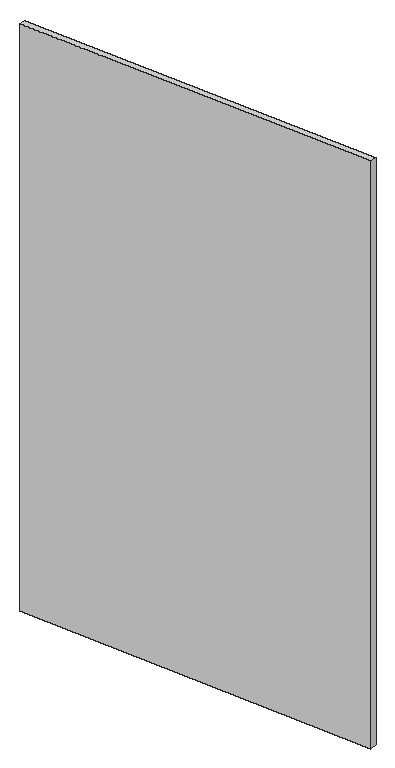
Revit family "Espelho simpes retangular", category Specialty Equipment, host Wall, Revit 2016
Family settings
  Host = Wall
  Part Type = Normal
  Round Connector Dimension = Use Diameter
  Always vertical = Yes
  Cut with Voids When Loaded = No
  Shared = Yes
  Room Calculation Point = No
Parameters
  Keynote = "N10/270"
  Espelho = Mirror
  Assembly Code = "C1030200"
  Altura [instance] = 120 cm
  Offset piso [instance] = 80 cm
  Largura [instance] = 80 cm
Reference planes (cm)
  plane 1: y = 0
  plane 2 "Center": x = 2.447
  plane 3: y = 7.62
Forms (cm)
  Extrusion 1, solid, material "Mirror" <- "Espelho"
    sketch origin (-152.4, 7.62, 0) x (-1, 0, 0) y (0, 0, 1)
      loop
        line (-194.847, 80) -> (-114.847, 80) -> (-114.847, 200) -> (-194.847, 200) -> (-194.847, 80)
    from 0 to 1.5
Lines and regions (cm)
  Masking region 1
    outline origin (0, 0, 0) x (1, 0, 0) y (0, 1, 0)
      loop
        line (52.447, 9.525) -> (-47.553, 9.525) -> (-47.553, 7.62) -> (52.447, 7.62) -> (52.447, 9.525)
  symbolic lines
    curve 1: line (-37.553, 7.62, 0) -> (42.447, 7.62, 0)
    curve 2: line (-37.553, 8.89, 0) -> (-37.553, 7.62, 0)
    curve 3: line (42.447, 8.89, 0) -> (-37.553, 8.89, 0)
    curve 4: line (42.447, 7.62, 0) -> (42.447, 8.89, 0)
Text (cm)
  text "Interior" at (0, 53.7696, 167.8147), in view "Right"
  text "Interior" at (-13.7394, 87.0637, 0), in view "Ref. Level"
  text "Interior" at (0, 66.8541, 96.4506), in view "Left"
Dimensions and locks (cm)
  equal spacing: Extrusion 1 sketch curve, plane 2 "Center", Extrusion 1 sketch curve
  "Largura": Extrusion 1 sketch curve to Extrusion 1 sketch curve
  "Altura": Extrusion 1 sketch curve to Extrusion 1 sketch curve
  "Offset piso": host wall to Extrusion 1 sketch curve
  Extrusion 1 to Extrusion 1 = 120 cm
  Extrusion 1 to Extrusion 1 = 80 cm
  aligned and locked: plane 3 to host wall
  aligned and locked: Extrusion 1 to curve 1  (x2)
  aligned: Masking region 1 sketch curve to Extrusion 1  (x4)
Automatic sketch dimensions
  curve 2 to plane 3 = 0 cm
  curve 3 to plane 3 = 1.27 cm
  Masking region 1 sketch curve to host wall = 0 cm
  host wall to Masking region 1 sketch curve = 1.905 cm
  Masking region 1 sketch curve to plane 2 "Center" = 50 cm
  plane 2 "Center" to Masking region 1 sketch curve = 50 cm
